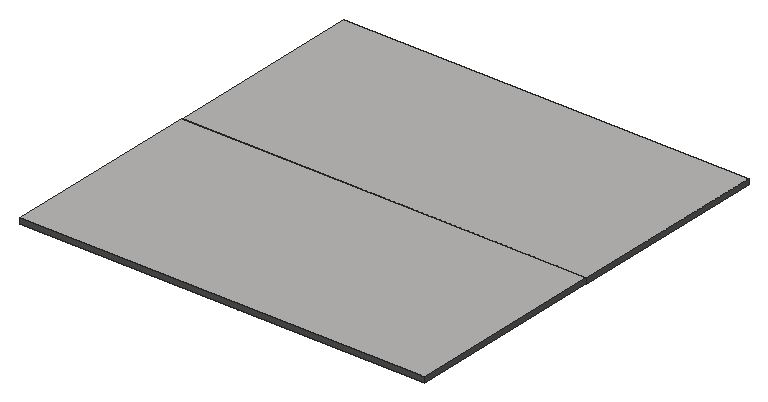
Revit family "22M 60 Square", category Furniture, Revit 2016
Family settings
  OmniClass Number = 23.40.20.00
  OmniClass Title = General Furniture and Specialties
  Work Plane-Based = No
  Always vertical = Yes
  Cut with Voids When Loaded = No
  Shared = No
  Room Calculation Point = No
Parameters
  Top [instance] = Palmer Hamilton Lt Gry
  Open [instance] = yes
  Height [instance] = 2' - 5"
  Frame [instance] = Palmer Hamilton Black
  Edge [instance] = Palmer Hamilton Black
  Closed [instance] = not(Open)  # no
Reference planes (in)
  plane 1 "Center Front/Back": y = 0
  plane 2: z = 0
  plane 3 "Center Left/Right": x = 0
  plane 4: z = 29
  plane 5: z = 28.1875
  plane 6: z = 26.0625
Forms (in)
  Extrusion 1, solid, material "Palmer Hamilton Black" <- "Frame", visible <- "Open"
    sketch origin (0, 0, 0) x (1, 0, 0) y (0, 1, 0)
      loop
        line (-23.80109, -5.0625) -> (-23.80109, -8.21742) -> (-19.2566, -19.18879) -> (0, -27.16514) -> (19.2566, -19.18879) -> (23.80109, -8.21742) -> (23.80109, -5.0625) -> (23.30109, -5.0625) -> (23.30109, -8.11796) -> (18.87392, -18.80611) -> (0, -26.62394) -> (-18.87392, -18.80611) -> (-23.30109, -8.11796) -> (-23.30109, -5.0625) -> (-23.80109, -5.0625)
    from 26.0625 to 28.1875
  Extrusion 2, solid, visible <- "Open"
    sketch origin (0, 0, 0) x (1, 0, 0) y (0, 1, 0)
      loop
        line (-30, -0.0625) -> (-30, -30) -> (30, -30) -> (30, -0.0625) -> (-30, -0.0625)
    from 28.1875 to 29
  Extrusion 3, solid, material "Palmer Hamilton Black" <- "Frame", visible <- "Closed"
    sketch origin (0, 25.43102, 37.57481) x (1, 0, 0) y (0, 0.017452, 0.999848)
      loop
        line (-23.80109, -5.0625) -> (-23.80109, -8.21742) -> (-19.2566, -19.18879) -> (0, -27.16514) -> (19.2566, -19.18879) -> (23.80109, -8.21742) -> (23.80109, -5.0625) -> (23.30109, -5.0625) -> (23.30109, -8.11796) -> (18.87392, -18.80611) -> (0, -26.62394) -> (-18.87392, -18.80611) -> (-23.30109, -8.11796) -> (-23.30109, -5.0625) -> (-23.80109, -5.0625)
    from 26.0625 to 28.1875
  Extrusion 4, solid, visible <- "Closed"
    sketch origin (0, 25.43102, 37.57481) x (1, 0, 0) y (0, 0.017452, 0.999848)
      loop
        line (-30, -0.0625) -> (-30, -30) -> (30, -30) -> (30, -0.0625) -> (-30, -0.0625)
    from 28.1875 to 29
  Extrusion 5, solid, material "Palmer Hamilton Black" <- "Frame", visible <- "Open"
    sketch origin (0, 0, 0) x (-1, 0, 0) y (0, -1, 0)
      loop
        line (-23.80109, -5.0625) -> (-23.80109, -8.21742) -> (-19.2566, -19.18879) -> (0, -27.16514) -> (19.2566, -19.18879) -> (23.80109, -8.21742) -> (23.80109, -5.0625) -> (23.30109, -5.0625) -> (23.30109, -8.11796) -> (18.87392, -18.80611) -> (0, -26.62394) -> (-18.87392, -18.80611) -> (-23.30109, -8.11796) -> (-23.30109, -5.0625) -> (-23.80109, -5.0625)
    from 26.0625 to 28.1875
  Extrusion 6, solid, visible <- "Open"
    sketch origin (0, 0, 0) x (-1, 0, 0) y (0, -1, 0)
      loop
        line (-30, -0.0625) -> (-30, -30) -> (30, -30) -> (30, -0.0625) -> (-30, -0.0625)
    from 28.1875 to 29
  Extrusion 7, solid, material "Palmer Hamilton Black" <- "Frame", visible <- "Closed"
    sketch origin (0, -25.43102, 37.57481) x (-1, 0, 0) y (0, -0.017452, 0.999848)
      loop
        line (-23.80109, -5.0625) -> (-23.80109, -8.21742) -> (-19.2566, -19.18879) -> (0, -27.16514) -> (19.2566, -19.18879) -> (23.80109, -8.21742) -> (23.80109, -5.0625) -> (23.30109, -5.0625) -> (23.30109, -8.11796) -> (18.87392, -18.80611) -> (0, -26.62394) -> (-18.87392, -18.80611) -> (-23.30109, -8.11796) -> (-23.30109, -5.0625) -> (-23.80109, -5.0625)
    from 26.0625 to 28.1875
  Extrusion 8, solid, visible <- "Closed"
    sketch origin (0, -25.43102, 37.57481) x (-1, 0, 0) y (0, -0.017452, 0.999848)
      loop
        line (-30, -0.0625) -> (-30, -30) -> (30, -30) -> (30, -0.0625) -> (-30, -0.0625)
    from 28.1875 to 29
  Extrusion 9, solid, material "Palmer Hamilton Black" <- "Frame", visible <- "Open"
    sketch origin (0, -0.04778, 5) x (0, 1, 0) y (0, 0, 1)
      loop
        line (0.5625, 20.44279) -> (0.5625, 22.17483) -> (-1.05432, 22.17483) -> (-1.05432, 22.61495) -> (-2.319, 22.61495) -> (-2.319, 23.1875) -> (-7.8464, 23.1875) -> (-7.8464, 21.04911) -> (-4.819, 21.04911) -> (-4.12777, 20.56511) -> (-2.19922, 20.56511)
        arc (-2.19922, 20.56511) -> (-1.96819, 20.47396) -> (-1.80353, 20.28804) r 0.53311
        line (-1.80353, 20.28804) -> (-1.74766, 20.07952)
        arc (-1.74766, 20.07952) -> (-1.6893, 19.93864) -> (-1.54842, 19.88029) r 0.19923
        line (-1.54842, 19.88029) -> (0, 19.88029)
        arc (0, 19.88029) -> (0.39775, 20.04504) -> (0.5625, 20.44279) r 0.5625
    from 23.6148 to 23.7344
  Extrusion 10, solid, material "Palmer Hamilton Black" <- "Frame", visible <- "Closed"
    sketch origin (0, 23.38594, 40.67249) x (0, 0.017452, 0.999848) y (0, -0.999848, 0.017452)
      loop
        line (-2.43704, 23.39043) -> (-2.43704, 25.12248) -> (-4.05386, 25.12248) -> (-4.05386, 25.5626) -> (-5.31854, 25.5626) -> (-5.31854, 26.13514) -> (-14.81854, 26.13514) -> (-14.81854, 23.99675) -> (-7.81854, 23.99675) -> (-7.12731, 23.51275) -> (-5.19876, 23.51275)
        arc (-5.19876, 23.51275) -> (-4.96774, 23.4216) -> (-4.80307, 23.23569) r 0.53311
        line (-4.80307, 23.23569) -> (-4.7472, 23.02716)
        arc (-4.7472, 23.02716) -> (-4.68885, 22.88628) -> (-4.54797, 22.82793) r 0.19923
        line (-4.54797, 22.82793) -> (-2.99954, 22.82793)
        arc (-2.99954, 22.82793) -> (-2.6018, 22.99268) -> (-2.43704, 23.39043) r 0.5625
    from 23.6148 to 23.7344
  Extrusion 11, solid, material "Palmer Hamilton Black" <- "Frame", visible <- "Open"
    sketch origin (0, -0.04778, 5) x (0, -1, 0) y (0, 0, 1)
      loop
        line (0.5625, 20.44279) -> (0.5625, 22.17483) -> (-1.05432, 22.17483) -> (-1.05432, 22.61495) -> (-2.319, 22.61495) -> (-2.319, 23.1875) -> (-8.14134, 23.1875) -> (-8.14134, 21.04911) -> (-4.819, 21.04911) -> (-4.12777, 20.56511) -> (-2.19922, 20.56511)
        arc (-2.19922, 20.56511) -> (-1.96819, 20.47396) -> (-1.80353, 20.28804) r 0.53311
        line (-1.80353, 20.28804) -> (-1.74766, 20.07952)
        arc (-1.74766, 20.07952) -> (-1.6893, 19.93864) -> (-1.54842, 19.88029) r 0.19923
        line (-1.54842, 19.88029) -> (0, 19.88029)
        arc (0, 19.88029) -> (0.39775, 20.04504) -> (0.5625, 20.44279) r 0.5625
    from -23.8544 to -23.7344
  Extrusion 12, solid, material "Palmer Hamilton Black" <- "Frame", visible <- "Closed"
    sketch origin (0, -23.48151, 40.67249) x (0, -0.017452, 0.999848) y (0, 0.999848, 0.017452)
      loop
        line (-2.43704, 23.39043) -> (-2.43704, 25.12248) -> (-4.05386, 25.12248) -> (-4.05386, 25.5626) -> (-5.31854, 25.5626) -> (-5.31854, 26.13514) -> (-14.81854, 26.13514) -> (-14.81854, 23.99675) -> (-7.81854, 23.99675) -> (-7.12731, 23.51275) -> (-5.19876, 23.51275)
        arc (-5.19876, 23.51275) -> (-4.96774, 23.4216) -> (-4.80307, 23.23569) r 0.53311
        line (-4.80307, 23.23569) -> (-4.7472, 23.02716)
        arc (-4.7472, 23.02716) -> (-4.68885, 22.88628) -> (-4.54797, 22.82793) r 0.19923
        line (-4.54797, 22.82793) -> (-2.99954, 22.82793)
        arc (-2.99954, 22.82793) -> (-2.6018, 22.99268) -> (-2.43704, 23.39043) r 0.5625
    from -23.8544 to -23.7344
  Extrusion 13, solid, material "Palmer Hamilton Black" <- "Frame", visible <- "Open"
    sketch origin (0, -0.04778, 5) x (0, 1, 0) y (0, 0, 1)
      loop
        line (0.5625, 20.44279) -> (0.5625, 22.17483) -> (-1.05432, 22.17483) -> (-1.05432, 22.61495) -> (-2.319, 22.61495) -> (-2.319, 23.1875) -> (-7.8464, 23.1875) -> (-7.8464, 21.04911) -> (-4.819, 21.04911) -> (-4.12777, 20.56511) -> (-2.19922, 20.56511)
        arc (-2.19922, 20.56511) -> (-1.96819, 20.47396) -> (-1.80353, 20.28804) r 0.53311
        line (-1.80353, 20.28804) -> (-1.74766, 20.07952)
        arc (-1.74766, 20.07952) -> (-1.6893, 19.93864) -> (-1.54842, 19.88029) r 0.19923
        line (-1.54842, 19.88029) -> (0, 19.88029)
        arc (0, 19.88029) -> (0.39775, 20.04504) -> (0.5625, 20.44279) r 0.5625
    from 17.25 to 17.375
  Extrusion 14, solid, material "Palmer Hamilton Black" <- "Frame", visible <- "Open"
    sketch origin (0, -0.04778, 5) x (0, -1, 0) y (0, 0, 1)
      loop
        line (0.5625, 20.44279) -> (0.5625, 22.17483) -> (-1.05432, 22.17483) -> (-1.05432, 22.61495) -> (-2.319, 22.61495) -> (-2.319, 23.1875) -> (-8.14134, 23.1875) -> (-8.14134, 21.04911) -> (-4.819, 21.04911) -> (-4.12777, 20.56511) -> (-2.19922, 20.56511)
        arc (-2.19922, 20.56511) -> (-1.96819, 20.47396) -> (-1.80353, 20.28804) r 0.53311
        line (-1.80353, 20.28804) -> (-1.74766, 20.07952)
        arc (-1.74766, 20.07952) -> (-1.6893, 19.93864) -> (-1.54842, 19.88029) r 0.19923
        line (-1.54842, 19.88029) -> (0, 19.88029)
        arc (0, 19.88029) -> (0.39775, 20.04504) -> (0.5625, 20.44279) r 0.5625
    from -17.5 to -17.375
  Extrusion 15, solid, material "Palmer Hamilton Black" <- "Frame", visible <- "Closed"
    sketch origin (0, 23.38594, 40.67249) x (0, 0.017452, 0.999848) y (0, -0.999848, 0.017452)
      loop
        line (-2.43704, 23.39043) -> (-2.43704, 25.12248) -> (-4.05386, 25.12248) -> (-4.05386, 25.5626) -> (-5.31854, 25.5626) -> (-5.31854, 26.13514) -> (-14.81854, 26.13514) -> (-14.81854, 23.99675) -> (-7.81854, 23.99675) -> (-7.12731, 23.51275) -> (-5.19876, 23.51275)
        arc (-5.19876, 23.51275) -> (-4.96774, 23.4216) -> (-4.80307, 23.23569) r 0.53311
        line (-4.80307, 23.23569) -> (-4.7472, 23.02716)
        arc (-4.7472, 23.02716) -> (-4.68885, 22.88628) -> (-4.54797, 22.82793) r 0.19923
        line (-4.54797, 22.82793) -> (-2.99954, 22.82793)
        arc (-2.99954, 22.82793) -> (-2.6018, 22.99268) -> (-2.43704, 23.39043) r 0.5625
    from 17.25 to 17.375
  Extrusion 16, solid, material "Palmer Hamilton Black" <- "Frame", visible <- "Closed"
    sketch origin (0, -23.48151, 40.67249) x (0, -0.017452, 0.999848) y (0, 0.999848, 0.017452)
      loop
        line (-2.43704, 23.39043) -> (-2.43704, 25.12248) -> (-4.05386, 25.12248) -> (-4.05386, 25.5626) -> (-5.31854, 25.5626) -> (-5.31854, 26.13514) -> (-14.81854, 26.13514) -> (-14.81854, 23.99675) -> (-7.81854, 23.99675) -> (-7.12731, 23.51275) -> (-5.19876, 23.51275)
        arc (-5.19876, 23.51275) -> (-4.96774, 23.4216) -> (-4.80307, 23.23569) r 0.53311
        line (-4.80307, 23.23569) -> (-4.7472, 23.02716)
        arc (-4.7472, 23.02716) -> (-4.68885, 22.88628) -> (-4.54797, 22.82793) r 0.19923
        line (-4.54797, 22.82793) -> (-2.99954, 22.82793)
        arc (-2.99954, 22.82793) -> (-2.6018, 22.99268) -> (-2.43704, 23.39043) r 0.5625
    from -17.5 to -17.375
  Extrusion 17, solid, material "Palmer Hamilton Black" <- "Frame", visible <- "Closed"
    sketch origin (0, -23.48151, 40.67249) x (0, -0.017452, 0.999848) y (0, 0.999848, 0.017452)
      loop
        line (-2.43704, 23.39043) -> (-2.43704, 25.12248) -> (-4.05386, 25.12248) -> (-4.05386, 25.5626) -> (-5.31854, 25.5626) -> (-5.31854, 26.13514) -> (-14.81854, 26.13514) -> (-14.81854, 23.99675) -> (-7.81854, 23.99675) -> (-7.12731, 23.51275) -> (-5.19876, 23.51275)
        arc (-5.19876, 23.51275) -> (-4.96774, 23.4216) -> (-4.80307, 23.23569) r 0.53311
        line (-4.80307, 23.23569) -> (-4.7472, 23.02716)
        arc (-4.7472, 23.02716) -> (-4.68885, 22.88628) -> (-4.54797, 22.82793) r 0.19923
        line (-4.54797, 22.82793) -> (-2.99954, 22.82793)
        arc (-2.99954, 22.82793) -> (-2.6018, 22.99268) -> (-2.43704, 23.39043) r 0.5625
    from -12.1671 to -12.0625
  Extrusion 18, solid, material "Palmer Hamilton Black" <- "Frame", visible <- "Open"
    sketch origin (0, -0.04778, 5) x (0, -1, 0) y (0, 0, 1)
      loop
        line (0.5625, 20.44279) -> (0.5625, 22.17483) -> (-1.05432, 22.17483) -> (-1.05432, 22.61495) -> (-2.319, 22.61495) -> (-2.319, 23.1875) -> (-8.14134, 23.1875) -> (-8.14134, 21.04911) -> (-4.819, 21.04911) -> (-4.12777, 20.56511) -> (-2.19922, 20.56511)
        arc (-2.19922, 20.56511) -> (-1.96819, 20.47396) -> (-1.80353, 20.28804) r 0.53311
        line (-1.80353, 20.28804) -> (-1.74766, 20.07952)
        arc (-1.74766, 20.07952) -> (-1.6893, 19.93864) -> (-1.54842, 19.88029) r 0.19923
        line (-1.54842, 19.88029) -> (0, 19.88029)
        arc (0, 19.88029) -> (0.39775, 20.04504) -> (0.5625, 20.44279) r 0.5625
    from -12.1671 to -12.0625
  Extrusion 19, solid, material "Palmer Hamilton Black" <- "Frame", visible <- "Open"
    sketch origin (0, -0.04778, 5) x (0, 1, 0) y (0, 0, -1)
      loop
        arc (0.5625, -20.44279) -> (0.39775, -20.04504) -> (0, -19.88029) r 0.5625
        line (0, -19.88029) -> (-1.54842, -19.88029)
        arc (-1.54842, -19.88029) -> (-1.6893, -19.93864) -> (-1.74766, -20.07952) r 0.19923
        line (-1.74766, -20.07952) -> (-1.80353, -20.28804)
        arc (-1.80353, -20.28804) -> (-1.96819, -20.47396) -> (-2.19922, -20.56511) r 0.53311
        line (-2.19922, -20.56511) -> (-4.12777, -20.56511) -> (-4.819, -21.04911) -> (-7.8464, -21.04911) -> (-7.8464, -23.1875) -> (-2.319, -23.1875) -> (-2.319, -22.61495) -> (-1.05432, -22.61495) -> (-1.05432, -22.17483) -> (0.5625, -22.17483) -> (0.5625, -20.44279)
    from 23.6148 to 23.7344
  Extrusion 20, solid, material "Palmer Hamilton Black" <- "Frame", visible <- "Open"
    sketch origin (0, -0.04778, 5) x (0, -1, 0) y (0, 0, -1)
      loop
        arc (0.5625, -20.44279) -> (0.39775, -20.04504) -> (0, -19.88029) r 0.5625
        line (0, -19.88029) -> (-1.54842, -19.88029)
        arc (-1.54842, -19.88029) -> (-1.6893, -19.93864) -> (-1.74766, -20.07952) r 0.19923
        line (-1.74766, -20.07952) -> (-1.80353, -20.28804)
        arc (-1.80353, -20.28804) -> (-1.96819, -20.47396) -> (-2.19922, -20.56511) r 0.53311
        line (-2.19922, -20.56511) -> (-4.12777, -20.56511) -> (-4.819, -21.04911) -> (-8.14134, -21.04911) -> (-8.14134, -23.1875) -> (-2.319, -23.1875) -> (-2.319, -22.61495) -> (-1.05432, -22.61495) -> (-1.05432, -22.17483) -> (0.5625, -22.17483) -> (0.5625, -20.44279)
    from -23.8544 to -23.7344
  Extrusion 21, solid, material "Palmer Hamilton Black" <- "Frame", visible <- "Open"
    sketch origin (0, -0.04778, 5) x (0, 1, 0) y (0, 0, -1)
      loop
        arc (0.5625, -20.44279) -> (0.39775, -20.04504) -> (0, -19.88029) r 0.5625
        line (0, -19.88029) -> (-1.54842, -19.88029)
        arc (-1.54842, -19.88029) -> (-1.6893, -19.93864) -> (-1.74766, -20.07952) r 0.19923
        line (-1.74766, -20.07952) -> (-1.80353, -20.28804)
        arc (-1.80353, -20.28804) -> (-1.96819, -20.47396) -> (-2.19922, -20.56511) r 0.53311
        line (-2.19922, -20.56511) -> (-4.12777, -20.56511) -> (-4.819, -21.04911) -> (-7.8464, -21.04911) -> (-7.8464, -23.1875) -> (-2.319, -23.1875) -> (-2.319, -22.61495) -> (-1.05432, -22.61495) -> (-1.05432, -22.17483) -> (0.5625, -22.17483) -> (0.5625, -20.44279)
    from 17.25 to 17.375
  Extrusion 22, solid, material "Palmer Hamilton Black" <- "Frame", visible <- "Open"
    sketch origin (0, -0.04778, 5) x (0, -1, 0) y (0, 0, -1)
      loop
        arc (0.5625, -20.44279) -> (0.39775, -20.04504) -> (0, -19.88029) r 0.5625
        line (0, -19.88029) -> (-1.54842, -19.88029)
        arc (-1.54842, -19.88029) -> (-1.6893, -19.93864) -> (-1.74766, -20.07952) r 0.19923
        line (-1.74766, -20.07952) -> (-1.80353, -20.28804)
        arc (-1.80353, -20.28804) -> (-1.96819, -20.47396) -> (-2.19922, -20.56511) r 0.53311
        line (-2.19922, -20.56511) -> (-4.12777, -20.56511) -> (-4.819, -21.04911) -> (-8.14134, -21.04911) -> (-8.14134, -23.1875) -> (-2.319, -23.1875) -> (-2.319, -22.61495) -> (-1.05432, -22.61495) -> (-1.05432, -22.17483) -> (0.5625, -22.17483) -> (0.5625, -20.44279)
    from -17.5 to -17.375
  Extrusion 23, solid, material "Palmer Hamilton Black" <- "Frame", visible <- "Closed"
    sketch origin (0, -23.48151, 40.67249) x (0, -0.017452, 0.999848) y (0, -0.999848, -0.017452)
      loop
        arc (-2.43704, -23.39043) -> (-2.6018, -22.99268) -> (-2.99954, -22.82793) r 0.5625
        line (-2.99954, -22.82793) -> (-4.54797, -22.82793)
        arc (-4.54797, -22.82793) -> (-4.68885, -22.88628) -> (-4.7472, -23.02716) r 0.19923
        line (-4.7472, -23.02716) -> (-4.80307, -23.23569)
        arc (-4.80307, -23.23569) -> (-4.96774, -23.4216) -> (-5.19876, -23.51275) r 0.53311
        line (-5.19876, -23.51275) -> (-7.12731, -23.51275) -> (-7.81854, -23.99675) -> (-14.81854, -23.99675) -> (-14.81854, -26.13514) -> (-5.31854, -26.13514) -> (-5.31854, -25.5626) -> (-4.05386, -25.5626) -> (-4.05386, -25.12248) -> (-2.43704, -25.12248) -> (-2.43704, -23.39043)
    from -12.1671 to -12.0625
  Extrusion 24, solid, material "Palmer Hamilton Black" <- "Frame", visible <- "Open"
    sketch origin (0, -0.04778, 5) x (0, -1, 0) y (0, 0, -1)
      loop
        arc (0.5625, -20.44279) -> (0.39775, -20.04504) -> (0, -19.88029) r 0.5625
        line (0, -19.88029) -> (-1.54842, -19.88029)
        arc (-1.54842, -19.88029) -> (-1.6893, -19.93864) -> (-1.74766, -20.07952) r 0.19923
        line (-1.74766, -20.07952) -> (-1.80353, -20.28804)
        arc (-1.80353, -20.28804) -> (-1.96819, -20.47396) -> (-2.19922, -20.56511) r 0.53311
        line (-2.19922, -20.56511) -> (-4.12777, -20.56511) -> (-4.819, -21.04911) -> (-8.14134, -21.04911) -> (-8.14134, -23.1875) -> (-2.319, -23.1875) -> (-2.319, -22.61495) -> (-1.05432, -22.61495) -> (-1.05432, -22.17483) -> (0.5625, -22.17483) -> (0.5625, -20.44279)
    from -12.1671 to -12.0625
  Extrusion 25, solid, material "Palmer Hamilton Black" <- "Frame", visible <- "Closed"
    sketch origin (0, 23.38594, 40.67249) x (0, 0.017452, 0.999848) y (0, 0.999848, -0.017452)
      loop
        arc (-2.43704, -23.39043) -> (-2.6018, -22.99268) -> (-2.99954, -22.82793) r 0.5625
        line (-2.99954, -22.82793) -> (-4.54797, -22.82793)
        arc (-4.54797, -22.82793) -> (-4.68885, -22.88628) -> (-4.7472, -23.02716) r 0.19923
        line (-4.7472, -23.02716) -> (-4.80307, -23.23569)
        arc (-4.80307, -23.23569) -> (-4.96774, -23.4216) -> (-5.19876, -23.51275) r 0.53311
        line (-5.19876, -23.51275) -> (-7.12731, -23.51275) -> (-7.81854, -23.99675) -> (-14.81854, -23.99675) -> (-14.81854, -26.13514) -> (-5.31854, -26.13514) -> (-5.31854, -25.5626) -> (-4.05386, -25.5626) -> (-4.05386, -25.12248) -> (-2.43704, -25.12248) -> (-2.43704, -23.39043)
    from 23.6148 to 23.7344
  Extrusion 26, solid, material "Palmer Hamilton Black" <- "Frame", visible <- "Closed"
    sketch origin (0, -23.48151, 40.67249) x (0, -0.017452, 0.999848) y (0, -0.999848, -0.017452)
      loop
        arc (-2.43704, -23.39043) -> (-2.6018, -22.99268) -> (-2.99954, -22.82793) r 0.5625
        line (-2.99954, -22.82793) -> (-4.54797, -22.82793)
        arc (-4.54797, -22.82793) -> (-4.68885, -22.88628) -> (-4.7472, -23.02716) r 0.19923
        line (-4.7472, -23.02716) -> (-4.80307, -23.23569)
        arc (-4.80307, -23.23569) -> (-4.96774, -23.4216) -> (-5.19876, -23.51275) r 0.53311
        line (-5.19876, -23.51275) -> (-7.12731, -23.51275) -> (-7.81854, -23.99675) -> (-14.81854, -23.99675) -> (-14.81854, -26.13514) -> (-5.31854, -26.13514) -> (-5.31854, -25.5626) -> (-4.05386, -25.5626) -> (-4.05386, -25.12248) -> (-2.43704, -25.12248) -> (-2.43704, -23.39043)
    from -23.8544 to -23.7344
  Extrusion 27, solid, material "Palmer Hamilton Black" <- "Frame", visible <- "Closed"
    sketch origin (0, 23.38594, 40.67249) x (0, 0.017452, 0.999848) y (0, 0.999848, -0.017452)
      loop
        arc (-2.43704, -23.39043) -> (-2.6018, -22.99268) -> (-2.99954, -22.82793) r 0.5625
        line (-2.99954, -22.82793) -> (-4.54797, -22.82793)
        arc (-4.54797, -22.82793) -> (-4.68885, -22.88628) -> (-4.7472, -23.02716) r 0.19923
        line (-4.7472, -23.02716) -> (-4.80307, -23.23569)
        arc (-4.80307, -23.23569) -> (-4.96774, -23.4216) -> (-5.19876, -23.51275) r 0.53311
        line (-5.19876, -23.51275) -> (-7.12731, -23.51275) -> (-7.81854, -23.99675) -> (-14.81854, -23.99675) -> (-14.81854, -26.13514) -> (-5.31854, -26.13514) -> (-5.31854, -25.5626) -> (-4.05386, -25.5626) -> (-4.05386, -25.12248) -> (-2.43704, -25.12248) -> (-2.43704, -23.39043)
    from 17.25 to 17.375
  Extrusion 28, solid, material "Palmer Hamilton Black" <- "Frame", visible <- "Closed"
    sketch origin (0, -23.48151, 40.67249) x (0, -0.017452, 0.999848) y (0, -0.999848, -0.017452)
      loop
        arc (-2.43704, -23.39043) -> (-2.6018, -22.99268) -> (-2.99954, -22.82793) r 0.5625
        line (-2.99954, -22.82793) -> (-4.54797, -22.82793)
        arc (-4.54797, -22.82793) -> (-4.68885, -22.88628) -> (-4.7472, -23.02716) r 0.19923
        line (-4.7472, -23.02716) -> (-4.80307, -23.23569)
        arc (-4.80307, -23.23569) -> (-4.96774, -23.4216) -> (-5.19876, -23.51275) r 0.53311
        line (-5.19876, -23.51275) -> (-7.12731, -23.51275) -> (-7.81854, -23.99675) -> (-14.81854, -23.99675) -> (-14.81854, -26.13514) -> (-5.31854, -26.13514) -> (-5.31854, -25.5626) -> (-4.05386, -25.5626) -> (-4.05386, -25.12248) -> (-2.43704, -25.12248) -> (-2.43704, -23.39043)
    from -17.5 to -17.375
Dimensions and locks (in)
  locked: plane 5 to plane 6 at 2.125
  locked: plane 4 to plane 5 at 0.8125
  "Height": plane 4 to level
  aligned and locked: level to plane 2
  aligned and locked: plane 5 to Extrusion 1
  aligned and locked: Extrusion 1 to plane 6
  aligned and locked: plane 4 to Extrusion 2
  aligned and locked: Extrusion 2 to plane 5
  aligned and locked: plane 4 to Extrusion 6
  aligned and locked: Extrusion 6 to plane 5
  aligned and locked: Extrusion 5 to plane 6
  aligned and locked: plane 5 to Extrusion 5
Automatic sketch dimensions
  Extrusion 1 sketch curve to plane 3 "Center Left/Right" = 0' - 0"  (x2)
  Extrusion 1 sketch curve to plane 3 "Center Left/Right" = 1' - 6.87392"
  Extrusion 1 sketch curve to Extrusion 1 sketch curve = 0' - 0.38268"  (x4)
  plane 1 "Center Front/Back" to Extrusion 1 sketch curve = 0' - 8.11796"
  Extrusion 1 sketch curve to Extrusion 1 sketch curve = 0' - 4.42718"  (x2)
  plane 1 "Center Front/Back" to Extrusion 1 sketch curve = 0' - 8.21742"
  Extrusion 1 sketch curve to Extrusion 1 sketch curve = 0' - 0 1/2"  (x2)
  plane 3 "Center Left/Right" to Extrusion 1 sketch curve = 1' - 6.87392"
  plane 1 "Center Front/Back" to Extrusion 1 sketch curve = 0' - 5 1/16"
  Extrusion 1 sketch curve to Extrusion 1 sketch curve = 1' - 1.74361"
  Extrusion 1 sketch curve to Extrusion 1 sketch curve = 0' - 10.68815"
  Extrusion 1 sketch curve to Extrusion 1 sketch curve = 0' - 7.81783"
  Extrusion 1 sketch curve to Extrusion 1 sketch curve = 0' - 0.5412"
  Extrusion 1 sketch curve to Extrusion 1 sketch curve = 0' - 3.15492"
  Extrusion 1 sketch curve to Extrusion 1 sketch curve = 0' - 0.09946"
  Extrusion 1 sketch curve to Extrusion 1 sketch curve = 0' - 3.05546"
  Extrusion 2 sketch curve to plane 3 "Center Left/Right" = 2' - 6"
  plane 3 "Center Left/Right" to Extrusion 2 sketch curve = 2' - 6"
  plane 1 "Center Front/Back" to Extrusion 2 sketch curve = 2' - 6"
  plane 1 "Center Front/Back" to Extrusion 2 sketch curve = 0' - 0 1/16"
  Extrusion 3 sketch curve to plane 3 "Center Left/Right" = 0' - 0"  (x2)
  Extrusion 3 sketch curve to plane 3 "Center Left/Right" = 1' - 6.87392"
  Extrusion 3 sketch curve to Extrusion 3 sketch curve = 0' - 0.38268"  (x4)
  Extrusion 3 sketch curve to Extrusion 3 sketch curve = 0' - 4.42718"  (x2)
  Extrusion 3 sketch curve to Extrusion 3 sketch curve = 0' - 0 1/2"  (x2)
  plane 3 "Center Left/Right" to Extrusion 3 sketch curve = 1' - 6.87392"
  Extrusion 3 sketch curve to Extrusion 3 sketch curve = 0' - 0.5412"
  Extrusion 3 sketch curve to Extrusion 3 sketch curve = 0' - 7.43515"  (x2)
  Extrusion 3 sketch curve to Extrusion 3 sketch curve = 0' - 10.58869"  (x2)
  Extrusion 3 sketch curve to Extrusion 3 sketch curve = 0' - 0.09946"  (x2)
  Extrusion 3 sketch curve to Extrusion 3 sketch curve = 0' - 3.05546"  (x2)
  Extrusion 4 sketch curve to plane 3 "Center Left/Right" = 2' - 6"
  plane 3 "Center Left/Right" to Extrusion 4 sketch curve = 2' - 6"
  Extrusion 4 sketch curve to Extrusion 4 sketch curve = 2' - 5 15/16"
  Extrusion 5 sketch curve to plane 3 "Center Left/Right" = 0' - 0"  (x2)
  plane 3 "Center Left/Right" to Extrusion 5 sketch curve = 1' - 6.87392"
  Extrusion 5 sketch curve to Extrusion 5 sketch curve = 0' - 0.38268"  (x4)
  Extrusion 5 sketch curve to plane 1 "Center Front/Back" = 0' - 8.11796"
  Extrusion 5 sketch curve to Extrusion 5 sketch curve = 0' - 4.42718"  (x2)
  Extrusion 5 sketch curve to Extrusion 5 sketch curve = 0' - 0 1/2"  (x2)
  Extrusion 5 sketch curve to plane 3 "Center Left/Right" = 1' - 6.87392"
  Extrusion 5 sketch curve to plane 1 "Center Front/Back" = 0' - 5 1/16"
  Extrusion 5 sketch curve to Extrusion 5 sketch curve = 0' - 3.05546"  (x2)
  Extrusion 5 sketch curve to Extrusion 5 sketch curve = 0' - 0.09946"  (x2)
  Extrusion 5 sketch curve to Extrusion 5 sketch curve = 0' - 10.68815"  (x2)
  Extrusion 5 sketch curve to Extrusion 5 sketch curve = 0' - 7.81783"
  Extrusion 5 sketch curve to Extrusion 5 sketch curve = 0' - 0.5412"
  plane 3 "Center Left/Right" to Extrusion 6 sketch curve = 2' - 6"
  Extrusion 6 sketch curve to plane 3 "Center Left/Right" = 2' - 6"
  Extrusion 6 sketch curve to plane 1 "Center Front/Back" = 2' - 6"
  Extrusion 6 sketch curve to plane 1 "Center Front/Back" = 0' - 0 1/16"
  Extrusion 7 sketch curve to plane 3 "Center Left/Right" = 0' - 0"  (x2)
  plane 3 "Center Left/Right" to Extrusion 7 sketch curve = 1' - 6.87392"
  Extrusion 7 sketch curve to Extrusion 7 sketch curve = 0' - 0.38268"  (x4)
  Extrusion 7 sketch curve to Extrusion 7 sketch curve = 0' - 4.42718"  (x2)
  Extrusion 7 sketch curve to Extrusion 7 sketch curve = 0' - 0 1/2"  (x2)
  Extrusion 7 sketch curve to plane 3 "Center Left/Right" = 1' - 6.87392"
  Extrusion 7 sketch curve to Extrusion 7 sketch curve = 0' - 0.5412"
  Extrusion 7 sketch curve to Extrusion 7 sketch curve = 0' - 7.43515"  (x2)
  Extrusion 7 sketch curve to Extrusion 7 sketch curve = 0' - 10.58869"  (x2)
  Extrusion 7 sketch curve to Extrusion 7 sketch curve = 0' - 0.09946"  (x2)
  Extrusion 7 sketch curve to Extrusion 7 sketch curve = 0' - 3.05546"  (x2)
  plane 3 "Center Left/Right" to Extrusion 8 sketch curve = 2' - 6"
  Extrusion 8 sketch curve to plane 3 "Center Left/Right" = 2' - 6"
  Extrusion 8 sketch curve to Extrusion 8 sketch curve = 2' - 5 15/16"
  plane 1 "Center Front/Back" to Extrusion 9 sketch curve = 0' - 7.89419"
  Extrusion 9 sketch curve to Extrusion 9 sketch curve = 0' - 3.0274"
  Extrusion 9 sketch curve to Extrusion 9 sketch curve = 0' - 0.69123"
  plane 1 "Center Front/Back" to Extrusion 9 sketch curve = 0' - 2.36678"
  Extrusion 9 sketch curve to Extrusion 9 sketch curve = 0' - 1.8538"
  Extrusion 9 sketch curve to Extrusion 9 sketch curve = 0' - 0.07475"
  Extrusion 9 sketch curve to Extrusion 9 sketch curve = 0' - 0.39569"
  Extrusion 9 sketch curve to Extrusion 9 sketch curve = 0' - 0.05587"
  Extrusion 9 sketch curve to Extrusion 9 sketch curve = 0' - 0 51/256"
  plane 1 "Center Front/Back" to Extrusion 9 sketch curve = 0' - 1.1021"
  plane 1 "Center Front/Back" to Extrusion 9 sketch curve = 0' - 0.04778"
  Extrusion 9 sketch curve to plane 1 "Center Front/Back" = 0' - 0.51472"
  Extrusion 9 sketch curve to plane 6 = 0' - 1.18221"
  Extrusion 9 sketch curve to Extrusion 9 sketch curve = 0' - 0.04225"
  Extrusion 9 sketch curve to Extrusion 9 sketch curve = 0' - 0.20852"
  Extrusion 9 sketch curve to Extrusion 9 sketch curve = 0' - 0.484"
  Extrusion 9 sketch curve to Extrusion 9 sketch curve = 0' - 1.73205"
  Extrusion 9 sketch curve to Extrusion 9 sketch curve = 0' - 0.44012"
  Extrusion 9 sketch curve to Extrusion 9 sketch curve = 0' - 0.57255"
  plane 1 "Center Front/Back" to Extrusion 10 sketch curve = 0' - 0.86578"
  plane 6 to Extrusion 10 sketch curve = 0' - 0.2125"
  Extrusion 10 sketch curve to Extrusion 10 sketch curve = 0' - 7"
  Extrusion 10 sketch curve to Extrusion 10 sketch curve = 0' - 0.69123"
  Extrusion 10 sketch curve to Extrusion 10 sketch curve = 0' - 1.80877"
  Extrusion 10 sketch curve to Extrusion 10 sketch curve = 0' - 1.8538"
  Extrusion 10 sketch curve to Extrusion 10 sketch curve = 0' - 0.07475"
  Extrusion 10 sketch curve to Extrusion 10 sketch curve = 0' - 0.39569"
  Extrusion 10 sketch curve to Extrusion 10 sketch curve = 0' - 0.05587"
  Extrusion 10 sketch curve to Extrusion 10 sketch curve = 0' - 0 51/256"
  Extrusion 10 sketch curve to Extrusion 10 sketch curve = 0' - 1.26468"
  Extrusion 10 sketch curve to Extrusion 10 sketch curve = 0' - 1.54842"
  Extrusion 10 sketch curve to Extrusion 10 sketch curve = 0' - 1.61682"
  Extrusion 10 sketch curve to Extrusion 10 sketch curve = 0' - 0.484"
  Extrusion 10 sketch curve to Extrusion 10 sketch curve = 0' - 0.12232"
  Extrusion 10 sketch curve to Extrusion 10 sketch curve = 0' - 0.20852"
  Extrusion 10 sketch curve to Extrusion 10 sketch curve = 0' - 1.73205"
  Extrusion 10 sketch curve to Extrusion 10 sketch curve = 0' - 0.44012"
  Extrusion 10 sketch curve to Extrusion 10 sketch curve = 0' - 0.57255"
  Extrusion 11 sketch curve to plane 1 "Center Front/Back" = 0' - 8.09355"
  Extrusion 11 sketch curve to Extrusion 11 sketch curve = 0' - 3.32234"
  Extrusion 11 sketch curve to Extrusion 11 sketch curve = 0' - 0.69123"
  Extrusion 11 sketch curve to plane 1 "Center Front/Back" = 0' - 2.27122"
  Extrusion 11 sketch curve to Extrusion 11 sketch curve = 0' - 1.8538"
  Extrusion 11 sketch curve to Extrusion 11 sketch curve = 0' - 0.07475"
  Extrusion 11 sketch curve to Extrusion 11 sketch curve = 0' - 0.39569"
  Extrusion 11 sketch curve to Extrusion 11 sketch curve = 0' - 0.05587"
  Extrusion 11 sketch curve to Extrusion 11 sketch curve = 0' - 0 51/256"
  Extrusion 11 sketch curve to plane 1 "Center Front/Back" = 0' - 1.00653"
  plane 1 "Center Front/Back" to Extrusion 11 sketch curve = 0' - 0.04778"
  plane 1 "Center Front/Back" to Extrusion 11 sketch curve = 0' - 0.61028"
  Extrusion 11 sketch curve to plane 6 = 0' - 1.18221"
  Extrusion 11 sketch curve to Extrusion 11 sketch curve = 0' - 0.04225"
  Extrusion 11 sketch curve to Extrusion 11 sketch curve = 0' - 0.20852"
  Extrusion 11 sketch curve to Extrusion 11 sketch curve = 0' - 0.484"
  Extrusion 11 sketch curve to Extrusion 11 sketch curve = 0' - 1.73205"
  Extrusion 11 sketch curve to Extrusion 11 sketch curve = 0' - 0.44012"
  Extrusion 11 sketch curve to Extrusion 11 sketch curve = 0' - 0.57255"
  Extrusion 12 sketch curve to plane 1 "Center Front/Back" = 0' - 0.77021"
  plane 6 to Extrusion 12 sketch curve = 0' - 0.2125"
  Extrusion 12 sketch curve to Extrusion 12 sketch curve = 0' - 7"
  Extrusion 12 sketch curve to Extrusion 12 sketch curve = 0' - 0.69123"
  Extrusion 12 sketch curve to Extrusion 12 sketch curve = 0' - 1.80877"
  Extrusion 12 sketch curve to Extrusion 12 sketch curve = 0' - 1.8538"
  Extrusion 12 sketch curve to Extrusion 12 sketch curve = 0' - 0.07475"
  Extrusion 12 sketch curve to Extrusion 12 sketch curve = 0' - 0.39569"
  Extrusion 12 sketch curve to Extrusion 12 sketch curve = 0' - 0.05587"
  Extrusion 12 sketch curve to Extrusion 12 sketch curve = 0' - 0 51/256"
  Extrusion 12 sketch curve to Extrusion 12 sketch curve = 0' - 1.26468"
  Extrusion 12 sketch curve to Extrusion 12 sketch curve = 0' - 1.54842"
  Extrusion 12 sketch curve to Extrusion 12 sketch curve = 0' - 1.61682"
  Extrusion 12 sketch curve to Extrusion 12 sketch curve = 0' - 0.484"
  Extrusion 12 sketch curve to Extrusion 12 sketch curve = 0' - 0.12232"
  Extrusion 12 sketch curve to Extrusion 12 sketch curve = 0' - 0.20852"
  Extrusion 12 sketch curve to Extrusion 12 sketch curve = 0' - 1.73205"
  Extrusion 12 sketch curve to Extrusion 12 sketch curve = 0' - 0.44012"
  Extrusion 12 sketch curve to Extrusion 12 sketch curve = 0' - 0.57255"
  plane 1 "Center Front/Back" to Extrusion 13 sketch curve = 0' - 7.89419"
  Extrusion 13 sketch curve to Extrusion 13 sketch curve = 0' - 3.0274"
  Extrusion 13 sketch curve to Extrusion 13 sketch curve = 0' - 0.69123"
  plane 1 "Center Front/Back" to Extrusion 13 sketch curve = 0' - 2.36678"
  Extrusion 13 sketch curve to Extrusion 13 sketch curve = 0' - 1.8538"
  Extrusion 13 sketch curve to Extrusion 13 sketch curve = 0' - 0.07475"
  Extrusion 13 sketch curve to Extrusion 13 sketch curve = 0' - 0.39569"
  Extrusion 13 sketch curve to Extrusion 13 sketch curve = 0' - 0.05587"
  Extrusion 13 sketch curve to Extrusion 13 sketch curve = 0' - 0 51/256"
  plane 1 "Center Front/Back" to Extrusion 13 sketch curve = 0' - 1.1021"
  plane 1 "Center Front/Back" to Extrusion 13 sketch curve = 0' - 0.04778"
  Extrusion 13 sketch curve to plane 1 "Center Front/Back" = 0' - 0.51472"
  Extrusion 13 sketch curve to plane 6 = 0' - 1.18221"
  Extrusion 13 sketch curve to Extrusion 13 sketch curve = 0' - 0.04225"
  Extrusion 13 sketch curve to Extrusion 13 sketch curve = 0' - 0.20852"
  Extrusion 13 sketch curve to Extrusion 13 sketch curve = 0' - 0.484"
  Extrusion 13 sketch curve to Extrusion 13 sketch curve = 0' - 1.73205"
  Extrusion 13 sketch curve to Extrusion 13 sketch curve = 0' - 0.44012"
  Extrusion 13 sketch curve to Extrusion 13 sketch curve = 0' - 0.57255"
  Extrusion 14 sketch curve to plane 1 "Center Front/Back" = 0' - 8.09355"
  Extrusion 14 sketch curve to Extrusion 14 sketch curve = 0' - 3.32234"
  Extrusion 14 sketch curve to Extrusion 14 sketch curve = 0' - 0.69123"
  Extrusion 14 sketch curve to plane 1 "Center Front/Back" = 0' - 2.27122"
  Extrusion 14 sketch curve to Extrusion 14 sketch curve = 0' - 1.8538"
  Extrusion 14 sketch curve to Extrusion 14 sketch curve = 0' - 0.07475"
  Extrusion 14 sketch curve to Extrusion 14 sketch curve = 0' - 0.39569"
  Extrusion 14 sketch curve to Extrusion 14 sketch curve = 0' - 0.05587"
  Extrusion 14 sketch curve to Extrusion 14 sketch curve = 0' - 0 51/256"
  Extrusion 14 sketch curve to plane 1 "Center Front/Back" = 0' - 1.00653"
  plane 1 "Center Front/Back" to Extrusion 14 sketch curve = 0' - 0.04778"
  plane 1 "Center Front/Back" to Extrusion 14 sketch curve = 0' - 0.61028"
  Extrusion 14 sketch curve to plane 6 = 0' - 1.18221"
  Extrusion 14 sketch curve to Extrusion 14 sketch curve = 0' - 0.04225"
  Extrusion 14 sketch curve to Extrusion 14 sketch curve = 0' - 0.20852"
  Extrusion 14 sketch curve to Extrusion 14 sketch curve = 0' - 0.484"
  Extrusion 14 sketch curve to Extrusion 14 sketch curve = 0' - 1.73205"
  Extrusion 14 sketch curve to Extrusion 14 sketch curve = 0' - 0.44012"
  Extrusion 14 sketch curve to Extrusion 14 sketch curve = 0' - 0.57255"
  plane 1 "Center Front/Back" to Extrusion 15 sketch curve = 0' - 0.86578"
  plane 6 to Extrusion 15 sketch curve = 0' - 0.2125"
  Extrusion 15 sketch curve to Extrusion 15 sketch curve = 0' - 7"
  Extrusion 15 sketch curve to Extrusion 15 sketch curve = 0' - 0.69123"
  Extrusion 15 sketch curve to Extrusion 15 sketch curve = 0' - 1.80877"
  Extrusion 15 sketch curve to Extrusion 15 sketch curve = 0' - 1.8538"
  Extrusion 15 sketch curve to Extrusion 15 sketch curve = 0' - 0.07475"
  Extrusion 15 sketch curve to Extrusion 15 sketch curve = 0' - 0.39569"
  Extrusion 15 sketch curve to Extrusion 15 sketch curve = 0' - 0.05587"
  Extrusion 15 sketch curve to Extrusion 15 sketch curve = 0' - 0 51/256"
  Extrusion 15 sketch curve to Extrusion 15 sketch curve = 0' - 1.26468"
  Extrusion 15 sketch curve to Extrusion 15 sketch curve = 0' - 1.54842"
  Extrusion 15 sketch curve to Extrusion 15 sketch curve = 0' - 1.61682"
  Extrusion 15 sketch curve to Extrusion 15 sketch curve = 0' - 0.484"
  Extrusion 15 sketch curve to Extrusion 15 sketch curve = 0' - 0.12232"
  Extrusion 15 sketch curve to Extrusion 15 sketch curve = 0' - 0.20852"
  Extrusion 15 sketch curve to Extrusion 15 sketch curve = 0' - 1.73205"
  Extrusion 15 sketch curve to Extrusion 15 sketch curve = 0' - 0.44012"
  Extrusion 15 sketch curve to Extrusion 15 sketch curve = 0' - 0.57255"
  Extrusion 16 sketch curve to plane 1 "Center Front/Back" = 0' - 0.77021"
  plane 6 to Extrusion 16 sketch curve = 0' - 0.2125"
  Extrusion 16 sketch curve to Extrusion 16 sketch curve = 0' - 7"
  Extrusion 16 sketch curve to Extrusion 16 sketch curve = 0' - 0.69123"
  Extrusion 16 sketch curve to Extrusion 16 sketch curve = 0' - 1.80877"
  Extrusion 16 sketch curve to Extrusion 16 sketch curve = 0' - 1.8538"
  Extrusion 16 sketch curve to Extrusion 16 sketch curve = 0' - 0.07475"
  Extrusion 16 sketch curve to Extrusion 16 sketch curve = 0' - 0.39569"
  Extrusion 16 sketch curve to Extrusion 16 sketch curve = 0' - 0.05587"
  Extrusion 16 sketch curve to Extrusion 16 sketch curve = 0' - 0 51/256"
  Extrusion 16 sketch curve to Extrusion 16 sketch curve = 0' - 1.26468"
  Extrusion 16 sketch curve to Extrusion 16 sketch curve = 0' - 1.54842"
  Extrusion 16 sketch curve to Extrusion 16 sketch curve = 0' - 1.61682"
  Extrusion 16 sketch curve to Extrusion 16 sketch curve = 0' - 0.484"
  Extrusion 16 sketch curve to Extrusion 16 sketch curve = 0' - 0.12232"
  Extrusion 16 sketch curve to Extrusion 16 sketch curve = 0' - 0.20852"
  Extrusion 16 sketch curve to Extrusion 16 sketch curve = 0' - 1.73205"
  Extrusion 16 sketch curve to Extrusion 16 sketch curve = 0' - 0.44012"
  Extrusion 16 sketch curve to Extrusion 16 sketch curve = 0' - 0.57255"
  Extrusion 17 sketch curve to plane 1 "Center Front/Back" = 0' - 0.77021"
  plane 6 to Extrusion 17 sketch curve = 0' - 0.2125"
  Extrusion 17 sketch curve to Extrusion 17 sketch curve = 0' - 7"
  Extrusion 17 sketch curve to Extrusion 17 sketch curve = 0' - 0.69123"
  Extrusion 17 sketch curve to Extrusion 17 sketch curve = 0' - 1.80877"
  Extrusion 17 sketch curve to Extrusion 17 sketch curve = 0' - 1.8538"
  Extrusion 17 sketch curve to Extrusion 17 sketch curve = 0' - 0.07475"
  Extrusion 17 sketch curve to Extrusion 17 sketch curve = 0' - 0.39569"
  Extrusion 17 sketch curve to Extrusion 17 sketch curve = 0' - 0.05587"
  Extrusion 17 sketch curve to Extrusion 17 sketch curve = 0' - 0 51/256"
  Extrusion 17 sketch curve to Extrusion 17 sketch curve = 0' - 1.26468"
  Extrusion 17 sketch curve to Extrusion 17 sketch curve = 0' - 1.54842"
  Extrusion 17 sketch curve to Extrusion 17 sketch curve = 0' - 1.61682"
  Extrusion 17 sketch curve to Extrusion 17 sketch curve = 0' - 0.484"
  Extrusion 17 sketch curve to Extrusion 17 sketch curve = 0' - 0.12232"
  Extrusion 17 sketch curve to Extrusion 17 sketch curve = 0' - 0.20852"
  Extrusion 17 sketch curve to Extrusion 17 sketch curve = 0' - 1.73205"
  Extrusion 17 sketch curve to Extrusion 17 sketch curve = 0' - 0.44012"
  Extrusion 17 sketch curve to Extrusion 17 sketch curve = 0' - 0.57255"
  Extrusion 18 sketch curve to plane 1 "Center Front/Back" = 0' - 8.09355"
  Extrusion 18 sketch curve to Extrusion 18 sketch curve = 0' - 3.32234"
  Extrusion 18 sketch curve to Extrusion 18 sketch curve = 0' - 0.69123"
  Extrusion 18 sketch curve to plane 1 "Center Front/Back" = 0' - 2.27122"
  Extrusion 18 sketch curve to Extrusion 18 sketch curve = 0' - 1.8538"
  Extrusion 18 sketch curve to Extrusion 18 sketch curve = 0' - 0.07475"
  Extrusion 18 sketch curve to Extrusion 18 sketch curve = 0' - 0.39569"
  Extrusion 18 sketch curve to Extrusion 18 sketch curve = 0' - 0.05587"
  Extrusion 18 sketch curve to Extrusion 18 sketch curve = 0' - 0 51/256"
  Extrusion 18 sketch curve to plane 1 "Center Front/Back" = 0' - 1.00653"
  plane 1 "Center Front/Back" to Extrusion 18 sketch curve = 0' - 0.04778"
  plane 1 "Center Front/Back" to Extrusion 18 sketch curve = 0' - 0.61028"
  Extrusion 18 sketch curve to plane 6 = 0' - 1.18221"
  Extrusion 18 sketch curve to Extrusion 18 sketch curve = 0' - 0.04225"
  Extrusion 18 sketch curve to Extrusion 18 sketch curve = 0' - 0.20852"
  Extrusion 18 sketch curve to Extrusion 18 sketch curve = 0' - 0.484"
  Extrusion 18 sketch curve to Extrusion 18 sketch curve = 0' - 1.73205"
  Extrusion 18 sketch curve to Extrusion 18 sketch curve = 0' - 0.44012"
  Extrusion 18 sketch curve to Extrusion 18 sketch curve = 0' - 0.57255"
  plane 1 "Center Front/Back" to Extrusion 19 sketch curve = 0' - 7.89419"
  Extrusion 19 sketch curve to Extrusion 19 sketch curve = 0' - 3.0274"
  Extrusion 19 sketch curve to Extrusion 19 sketch curve = 0' - 0.69123"
  plane 1 "Center Front/Back" to Extrusion 19 sketch curve = 0' - 2.36678"
  Extrusion 19 sketch curve to Extrusion 19 sketch curve = 0' - 1.8538"
  Extrusion 19 sketch curve to Extrusion 19 sketch curve = 0' - 0.07475"
  Extrusion 19 sketch curve to Extrusion 19 sketch curve = 0' - 0.39569"
  Extrusion 19 sketch curve to Extrusion 19 sketch curve = 0' - 0.05587"
  Extrusion 19 sketch curve to Extrusion 19 sketch curve = 0' - 0 51/256"
  plane 1 "Center Front/Back" to Extrusion 19 sketch curve = 0' - 1.1021"
  plane 1 "Center Front/Back" to Extrusion 19 sketch curve = 0' - 0.04778"
  Extrusion 19 sketch curve to plane 1 "Center Front/Back" = 0' - 0.51472"
  plane 6 to Extrusion 19 sketch curve = 0' - 2 1/8"
  Extrusion 19 sketch curve to Extrusion 19 sketch curve = 0' - 0.57255"
  Extrusion 19 sketch curve to Extrusion 19 sketch curve = 0' - 0.44012"
  Extrusion 19 sketch curve to Extrusion 19 sketch curve = 0' - 1.56584"
  Extrusion 19 sketch curve to Extrusion 19 sketch curve = 0' - 0.484"
  Extrusion 19 sketch curve to Extrusion 19 sketch curve = 0' - 1.73205"
  Extrusion 19 sketch curve to Extrusion 19 sketch curve = 0' - 0.20852"
  Extrusion 20 sketch curve to plane 1 "Center Front/Back" = 0' - 8.09355"
  Extrusion 20 sketch curve to Extrusion 20 sketch curve = 0' - 3.32234"
  Extrusion 20 sketch curve to Extrusion 20 sketch curve = 0' - 0.69123"
  Extrusion 20 sketch curve to plane 1 "Center Front/Back" = 0' - 2.27122"
  Extrusion 20 sketch curve to Extrusion 20 sketch curve = 0' - 1.8538"
  Extrusion 20 sketch curve to Extrusion 20 sketch curve = 0' - 0.07475"
  Extrusion 20 sketch curve to Extrusion 20 sketch curve = 0' - 0.39569"
  Extrusion 20 sketch curve to Extrusion 20 sketch curve = 0' - 0.05587"
  Extrusion 20 sketch curve to Extrusion 20 sketch curve = 0' - 0 51/256"
  Extrusion 20 sketch curve to plane 1 "Center Front/Back" = 0' - 1.00653"
  plane 1 "Center Front/Back" to Extrusion 20 sketch curve = 0' - 0.04778"
  plane 1 "Center Front/Back" to Extrusion 20 sketch curve = 0' - 0.61028"
  plane 6 to Extrusion 20 sketch curve = 0' - 2 1/8"
  Extrusion 20 sketch curve to Extrusion 20 sketch curve = 0' - 0.57255"
  Extrusion 20 sketch curve to Extrusion 20 sketch curve = 0' - 0.44012"
  Extrusion 20 sketch curve to Extrusion 20 sketch curve = 0' - 1.56584"
  Extrusion 20 sketch curve to Extrusion 20 sketch curve = 0' - 0.484"
  Extrusion 20 sketch curve to Extrusion 20 sketch curve = 0' - 1.73205"
  Extrusion 20 sketch curve to Extrusion 20 sketch curve = 0' - 0.20852"
  plane 1 "Center Front/Back" to Extrusion 21 sketch curve = 0' - 7.89419"
  Extrusion 21 sketch curve to Extrusion 21 sketch curve = 0' - 3.0274"
  Extrusion 21 sketch curve to Extrusion 21 sketch curve = 0' - 0.69123"
  plane 1 "Center Front/Back" to Extrusion 21 sketch curve = 0' - 2.36678"
  Extrusion 21 sketch curve to Extrusion 21 sketch curve = 0' - 1.8538"
  Extrusion 21 sketch curve to Extrusion 21 sketch curve = 0' - 0.07475"
  Extrusion 21 sketch curve to Extrusion 21 sketch curve = 0' - 0.39569"
  Extrusion 21 sketch curve to Extrusion 21 sketch curve = 0' - 0.05587"
  Extrusion 21 sketch curve to Extrusion 21 sketch curve = 0' - 0 51/256"
  plane 1 "Center Front/Back" to Extrusion 21 sketch curve = 0' - 1.1021"
  plane 1 "Center Front/Back" to Extrusion 21 sketch curve = 0' - 0.04778"
  Extrusion 21 sketch curve to plane 1 "Center Front/Back" = 0' - 0.51472"
  plane 6 to Extrusion 21 sketch curve = 0' - 2 1/8"
  Extrusion 21 sketch curve to Extrusion 21 sketch curve = 0' - 0.57255"
  Extrusion 21 sketch curve to Extrusion 21 sketch curve = 0' - 0.44012"
  Extrusion 21 sketch curve to Extrusion 21 sketch curve = 0' - 1.56584"
  Extrusion 21 sketch curve to Extrusion 21 sketch curve = 0' - 0.484"
  Extrusion 21 sketch curve to Extrusion 21 sketch curve = 0' - 1.73205"
  Extrusion 21 sketch curve to Extrusion 21 sketch curve = 0' - 0.20852"
  Extrusion 22 sketch curve to plane 1 "Center Front/Back" = 0' - 8.09355"
  Extrusion 22 sketch curve to Extrusion 22 sketch curve = 0' - 3.32234"
  Extrusion 22 sketch curve to Extrusion 22 sketch curve = 0' - 0.69123"
  Extrusion 22 sketch curve to plane 1 "Center Front/Back" = 0' - 2.27122"
  Extrusion 22 sketch curve to Extrusion 22 sketch curve = 0' - 1.8538"
  Extrusion 22 sketch curve to Extrusion 22 sketch curve = 0' - 0.07475"
  Extrusion 22 sketch curve to Extrusion 22 sketch curve = 0' - 0.39569"
  Extrusion 22 sketch curve to Extrusion 22 sketch curve = 0' - 0.05587"
  Extrusion 22 sketch curve to Extrusion 22 sketch curve = 0' - 0 51/256"
  Extrusion 22 sketch curve to plane 1 "Center Front/Back" = 0' - 1.00653"
  plane 1 "Center Front/Back" to Extrusion 22 sketch curve = 0' - 0.04778"
  plane 1 "Center Front/Back" to Extrusion 22 sketch curve = 0' - 0.61028"
  plane 6 to Extrusion 22 sketch curve = 0' - 2 1/8"
  Extrusion 22 sketch curve to Extrusion 22 sketch curve = 0' - 0.57255"
  Extrusion 22 sketch curve to Extrusion 22 sketch curve = 0' - 0.44012"
  Extrusion 22 sketch curve to Extrusion 22 sketch curve = 0' - 1.56584"
  Extrusion 22 sketch curve to Extrusion 22 sketch curve = 0' - 0.484"
  Extrusion 22 sketch curve to Extrusion 22 sketch curve = 0' - 1.73205"
  Extrusion 22 sketch curve to Extrusion 22 sketch curve = 0' - 0.20852"
  Extrusion 23 sketch curve to plane 1 "Center Front/Back" = 0' - 0.77021"
  plane 6 to Extrusion 23 sketch curve = 0' - 0.2125"
  Extrusion 23 sketch curve to Extrusion 23 sketch curve = 0' - 7"
  Extrusion 23 sketch curve to Extrusion 23 sketch curve = 0' - 0.69123"
  Extrusion 23 sketch curve to Extrusion 23 sketch curve = 0' - 1.80877"
  Extrusion 23 sketch curve to Extrusion 23 sketch curve = 0' - 1.8538"
  Extrusion 23 sketch curve to Extrusion 23 sketch curve = 0' - 0.07475"
  Extrusion 23 sketch curve to Extrusion 23 sketch curve = 0' - 0.39569"
  Extrusion 23 sketch curve to Extrusion 23 sketch curve = 0' - 0.05587"
  Extrusion 23 sketch curve to Extrusion 23 sketch curve = 0' - 0 51/256"
  Extrusion 23 sketch curve to Extrusion 23 sketch curve = 0' - 1.26468"
  Extrusion 23 sketch curve to Extrusion 23 sketch curve = 0' - 1.54842"
  Extrusion 23 sketch curve to Extrusion 23 sketch curve = 0' - 1.61682"
  Extrusion 23 sketch curve to Extrusion 23 sketch curve = 0' - 1.12572"
  Extrusion 23 sketch curve to Extrusion 23 sketch curve = 0' - 0.44012"
  Extrusion 23 sketch curve to Extrusion 23 sketch curve = 0' - 2.13839"
  Extrusion 23 sketch curve to Extrusion 23 sketch curve = 0' - 0.484"
  Extrusion 23 sketch curve to Extrusion 23 sketch curve = 0' - 1.73205"
  Extrusion 23 sketch curve to Extrusion 23 sketch curve = 0' - 0.20852"
  Extrusion 24 sketch curve to plane 1 "Center Front/Back" = 0' - 8.09355"
  Extrusion 24 sketch curve to Extrusion 24 sketch curve = 0' - 3.32234"
  Extrusion 24 sketch curve to Extrusion 24 sketch curve = 0' - 0.69123"
  Extrusion 24 sketch curve to plane 1 "Center Front/Back" = 0' - 2.27122"
  Extrusion 24 sketch curve to Extrusion 24 sketch curve = 0' - 1.8538"
  Extrusion 24 sketch curve to Extrusion 24 sketch curve = 0' - 0.07475"
  Extrusion 24 sketch curve to Extrusion 24 sketch curve = 0' - 0.39569"
  Extrusion 24 sketch curve to Extrusion 24 sketch curve = 0' - 0.05587"
  Extrusion 24 sketch curve to Extrusion 24 sketch curve = 0' - 0 51/256"
  Extrusion 24 sketch curve to plane 1 "Center Front/Back" = 0' - 1.00653"
  plane 1 "Center Front/Back" to Extrusion 24 sketch curve = 0' - 0.04778"
  plane 1 "Center Front/Back" to Extrusion 24 sketch curve = 0' - 0.61028"
  plane 6 to Extrusion 24 sketch curve = 0' - 2 1/8"
  Extrusion 24 sketch curve to Extrusion 24 sketch curve = 0' - 0.57255"
  Extrusion 24 sketch curve to Extrusion 24 sketch curve = 0' - 0.44012"
  Extrusion 24 sketch curve to Extrusion 24 sketch curve = 0' - 1.56584"
  Extrusion 24 sketch curve to Extrusion 24 sketch curve = 0' - 0.484"
  Extrusion 24 sketch curve to Extrusion 24 sketch curve = 0' - 1.73205"
  Extrusion 24 sketch curve to Extrusion 24 sketch curve = 0' - 0.20852"
  plane 1 "Center Front/Back" to Extrusion 25 sketch curve = 0' - 0.86578"
  plane 6 to Extrusion 25 sketch curve = 0' - 0.2125"
  Extrusion 25 sketch curve to Extrusion 25 sketch curve = 0' - 7"
  Extrusion 25 sketch curve to Extrusion 25 sketch curve = 0' - 0.69123"
  Extrusion 25 sketch curve to Extrusion 25 sketch curve = 0' - 1.80877"
  Extrusion 25 sketch curve to Extrusion 25 sketch curve = 0' - 1.8538"
  Extrusion 25 sketch curve to Extrusion 25 sketch curve = 0' - 0.07475"
  Extrusion 25 sketch curve to Extrusion 25 sketch curve = 0' - 0.39569"
  Extrusion 25 sketch curve to Extrusion 25 sketch curve = 0' - 0.05587"
  Extrusion 25 sketch curve to Extrusion 25 sketch curve = 0' - 0 51/256"
  Extrusion 25 sketch curve to Extrusion 25 sketch curve = 0' - 1.26468"
  Extrusion 25 sketch curve to Extrusion 25 sketch curve = 0' - 1.54842"
  Extrusion 25 sketch curve to Extrusion 25 sketch curve = 0' - 1.61682"
  Extrusion 25 sketch curve to Extrusion 25 sketch curve = 0' - 1.12572"
  Extrusion 25 sketch curve to Extrusion 25 sketch curve = 0' - 0.44012"
  Extrusion 25 sketch curve to Extrusion 25 sketch curve = 0' - 2.13839"
  Extrusion 25 sketch curve to Extrusion 25 sketch curve = 0' - 0.484"
  Extrusion 25 sketch curve to Extrusion 25 sketch curve = 0' - 1.73205"
  Extrusion 25 sketch curve to Extrusion 25 sketch curve = 0' - 0.20852"
  Extrusion 26 sketch curve to plane 1 "Center Front/Back" = 0' - 0.77021"
  plane 6 to Extrusion 26 sketch curve = 0' - 0.2125"
  Extrusion 26 sketch curve to Extrusion 26 sketch curve = 0' - 7"
  Extrusion 26 sketch curve to Extrusion 26 sketch curve = 0' - 0.69123"
  Extrusion 26 sketch curve to Extrusion 26 sketch curve = 0' - 1.80877"
  Extrusion 26 sketch curve to Extrusion 26 sketch curve = 0' - 1.8538"
  Extrusion 26 sketch curve to Extrusion 26 sketch curve = 0' - 0.07475"
  Extrusion 26 sketch curve to Extrusion 26 sketch curve = 0' - 0.39569"
  Extrusion 26 sketch curve to Extrusion 26 sketch curve = 0' - 0.05587"
  Extrusion 26 sketch curve to Extrusion 26 sketch curve = 0' - 0 51/256"
  Extrusion 26 sketch curve to Extrusion 26 sketch curve = 0' - 1.26468"
  Extrusion 26 sketch curve to Extrusion 26 sketch curve = 0' - 1.54842"
  Extrusion 26 sketch curve to Extrusion 26 sketch curve = 0' - 1.61682"
  Extrusion 26 sketch curve to Extrusion 26 sketch curve = 0' - 1.12572"
  Extrusion 26 sketch curve to Extrusion 26 sketch curve = 0' - 0.44012"
  Extrusion 26 sketch curve to Extrusion 26 sketch curve = 0' - 2.13839"
  Extrusion 26 sketch curve to Extrusion 26 sketch curve = 0' - 0.484"
  Extrusion 26 sketch curve to Extrusion 26 sketch curve = 0' - 1.73205"
  Extrusion 26 sketch curve to Extrusion 26 sketch curve = 0' - 0.20852"
  plane 1 "Center Front/Back" to Extrusion 27 sketch curve = 0' - 0.86578"
  plane 6 to Extrusion 27 sketch curve = 0' - 0.2125"
  Extrusion 27 sketch curve to Extrusion 27 sketch curve = 0' - 7"
  Extrusion 27 sketch curve to Extrusion 27 sketch curve = 0' - 0.69123"
  Extrusion 27 sketch curve to Extrusion 27 sketch curve = 0' - 1.80877"
  Extrusion 27 sketch curve to Extrusion 27 sketch curve = 0' - 1.8538"
  Extrusion 27 sketch curve to Extrusion 27 sketch curve = 0' - 0.07475"
  Extrusion 27 sketch curve to Extrusion 27 sketch curve = 0' - 0.39569"
  Extrusion 27 sketch curve to Extrusion 27 sketch curve = 0' - 0.05587"
  Extrusion 27 sketch curve to Extrusion 27 sketch curve = 0' - 0 51/256"
  Extrusion 27 sketch curve to Extrusion 27 sketch curve = 0' - 1.26468"
  Extrusion 27 sketch curve to Extrusion 27 sketch curve = 0' - 1.54842"
  Extrusion 27 sketch curve to Extrusion 27 sketch curve = 0' - 1.61682"
  Extrusion 27 sketch curve to Extrusion 27 sketch curve = 0' - 1.12572"
  Extrusion 27 sketch curve to Extrusion 27 sketch curve = 0' - 0.44012"
  Extrusion 27 sketch curve to Extrusion 27 sketch curve = 0' - 2.13839"
  Extrusion 27 sketch curve to Extrusion 27 sketch curve = 0' - 0.484"
  Extrusion 27 sketch curve to Extrusion 27 sketch curve = 0' - 1.73205"
  Extrusion 27 sketch curve to Extrusion 27 sketch curve = 0' - 0.20852"
  Extrusion 28 sketch curve to plane 1 "Center Front/Back" = 0' - 0.77021"
  plane 6 to Extrusion 28 sketch curve = 0' - 0.2125"
  Extrusion 28 sketch curve to Extrusion 28 sketch curve = 0' - 7"
  Extrusion 28 sketch curve to Extrusion 28 sketch curve = 0' - 0.69123"
  Extrusion 28 sketch curve to Extrusion 28 sketch curve = 0' - 1.80877"
  Extrusion 28 sketch curve to Extrusion 28 sketch curve = 0' - 1.8538"
  Extrusion 28 sketch curve to Extrusion 28 sketch curve = 0' - 0.07475"
  Extrusion 28 sketch curve to Extrusion 28 sketch curve = 0' - 0.39569"
  Extrusion 28 sketch curve to Extrusion 28 sketch curve = 0' - 0.05587"
  Extrusion 28 sketch curve to Extrusion 28 sketch curve = 0' - 0 51/256"
  Extrusion 28 sketch curve to Extrusion 28 sketch curve = 0' - 1.26468"
  Extrusion 28 sketch curve to Extrusion 28 sketch curve = 0' - 1.54842"
  Extrusion 28 sketch curve to Extrusion 28 sketch curve = 0' - 1.61682"
  Extrusion 28 sketch curve to Extrusion 28 sketch curve = 0' - 1.12572"
  Extrusion 28 sketch curve to Extrusion 28 sketch curve = 0' - 0.44012"
  Extrusion 28 sketch curve to Extrusion 28 sketch curve = 0' - 2.13839"
  Extrusion 28 sketch curve to Extrusion 28 sketch curve = 0' - 0.484"
  Extrusion 28 sketch curve to Extrusion 28 sketch curve = 0' - 1.73205"
  Extrusion 28 sketch curve to Extrusion 28 sketch curve = 0' - 0.20852"
